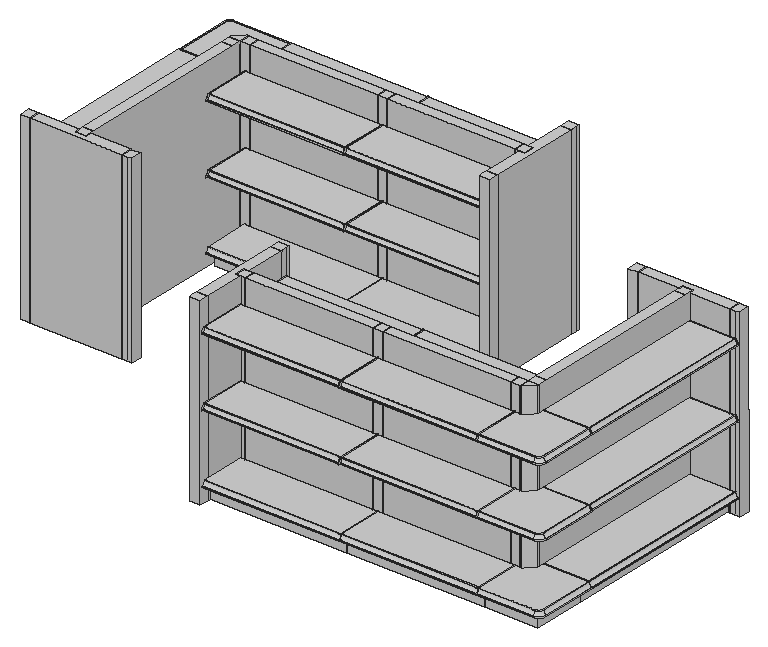
Revit family "QF_ConfigurationB", category Specialty Equipment, Revit 2012 (continued)
Definition of nested family "TL2"
  Automatic sketch dimensions
    plane 10 "3rd shelf" to Extrusion 24 sketch curve = 0' - 0.22784"
    Extrusion 24 sketch curve to plane 18 = 0' - 1.11011"
    plane 18 to Extrusion 24 sketch curve = 0' - 0 5/8"
    Extrusion 24 sketch curve to Extrusion 24 sketch curve = 0' - 0 1/8"  (x2)
    Extrusion 24 sketch curve to Extrusion 24 sketch curve = 0' - 0 7/8"
    Extrusion 24 sketch curve to Extrusion 24 sketch curve = 0' - 0 3/4"
    Extrusion 24 sketch curve to Extrusion 24 sketch curve = 0' - 0 1/4"  (x2)
    Extrusion 24 sketch curve to plane 10 "3rd shelf" = 0' - 0 1/2"  (x2)
    Extrusion 24 sketch curve to Extrusion 24 sketch curve = 0' - 2"
    plane 4 to Extrusion 24 sketch curve = 0' - 1 1/8"
    Extrusion 24 sketch curve to Extrusion 24 sketch curve = 0' - 0"
    Extrusion 24 sketch curve to Extrusion 24 sketch curve = 0' - 2 1/4"
    Extrusion 24 sketch curve to plane 10 "3rd shelf" = 0' - 0 5/8"
    Extrusion 25 sketch curve to plane 18 = 0' - 0"
    Extrusion 25 sketch curve to plane 11 "4th shelf" = 0' - 0"
    Extrusion 25 sketch curve to plane 4 = 0' - 0"
    Extrusion 25 sketch curve to plane 11 "4th shelf" = 0' - 0.22784"
    plane 18 to Extrusion 25 sketch curve = 0' - 1.11011"
    Extrusion 25 sketch curve to plane 18 = 0' - 0 5/8"
    Extrusion 25 sketch curve to Extrusion 25 sketch curve = 0' - 0 1/8"  (x2)
    Extrusion 25 sketch curve to plane 18 = 0' - 0 7/8"
    Extrusion 25 sketch curve to Extrusion 25 sketch curve = 0' - 0 3/4"
    Extrusion 25 sketch curve to Extrusion 25 sketch curve = 0' - 0 1/4"  (x2)
    plane 11 "4th shelf" to Extrusion 25 sketch curve = 0' - 0 1/2"  (x2)
    Extrusion 25 sketch curve to Extrusion 25 sketch curve = 0' - 2"
    Extrusion 25 sketch curve to plane 4 = 0' - 1 1/8"
    Extrusion 25 sketch curve to Extrusion 25 sketch curve = 0' - 0"
    Extrusion 25 sketch curve to Extrusion 25 sketch curve = 0' - 2 1/4"
    plane 11 "4th shelf" to Extrusion 25 sketch curve = 0' - 0 5/8"
    Extrusion 26 sketch curve to plane 18 = 0' - 0"
    Extrusion 26 sketch curve to plane 11 "4th shelf" = 0' - 0"
    Extrusion 26 sketch curve to plane 4 = 0' - 0"
    Extrusion 26 sketch curve to plane 11 "4th shelf" = 0' - 0.10284"
    plane 18 to Extrusion 26 sketch curve = 0' - 0.86011"
    Extrusion 26 sketch curve to plane 18 = 0' - 0 1/4"
    Extrusion 26 sketch curve to plane 18 = 0' - 0 3/4"
    Extrusion 26 sketch curve to Extrusion 26 sketch curve = 0' - 0 5/8"
    Extrusion 26 sketch curve to Extrusion 26 sketch curve = 0' - 0 1/8"  (x2)
    plane 11 "4th shelf" to Extrusion 26 sketch curve = 0' - 0 1/8"
    Extrusion 26 sketch curve to Extrusion 26 sketch curve = 0' - 0 1/4"
    Extrusion 27 sketch curve to plane 18 = 0' - 0"
    Extrusion 27 sketch curve to plane 11 "4th shelf" = 0' - 0"
    Extrusion 27 sketch curve to plane 4 = 0' - 0"
    plane 11 "4th shelf" to Extrusion 27 sketch curve = 0' - 0.22784"
    Extrusion 27 sketch curve to plane 18 = 0' - 1.11011"
    plane 18 to Extrusion 27 sketch curve = 0' - 0 5/8"
    Extrusion 27 sketch curve to Extrusion 27 sketch curve = 0' - 0 1/8"  (x2)
    plane 18 to Extrusion 27 sketch curve = 0' - 0 7/8"
    Extrusion 27 sketch curve to Extrusion 27 sketch curve = 0' - 0 3/4"
    Extrusion 27 sketch curve to Extrusion 27 sketch curve = 0' - 0 1/4"  (x2)
    Extrusion 27 sketch curve to plane 11 "4th shelf" = 0' - 0 1/2"  (x2)
    Extrusion 27 sketch curve to Extrusion 27 sketch curve = 0' - 2"
    plane 4 to Extrusion 27 sketch curve = 0' - 1 1/8"
    Extrusion 27 sketch curve to Extrusion 27 sketch curve = 0' - 0"
    Extrusion 27 sketch curve to Extrusion 27 sketch curve = 0' - 2 1/4"
    Extrusion 27 sketch curve to plane 11 "4th shelf" = 0' - 0 5/8"
    Extrusion 1 sketch curve to level = 0' - 0"
    Extrusion 1 sketch curve to plane 6 = 0' - 0"  (x2)
    plane 14 to Extrusion 1 sketch curve = 0' - 0"
    level to Extrusion 1 sketch curve = 0' - 0 1/32"
    plane 16 to Extrusion 1 sketch curve = 0' - 1 1/8"
    Extrusion 1 sketch curve to Extrusion 1 sketch curve = 0' - 0.03076"
    plane 15 to Extrusion 1 sketch curve = 0' - 1 1/8"
    Extrusion 1 sketch curve to plane 14 = 0' - 1 1/4"
    Extrusion 1 to Split face 1 sketch curve = 0' - 0"
    Split face 1 sketch curve to Extrusion 1 = 0' - 0"  (x4)
    Extrusion 1 to Split face 2 sketch curve = 0' - 0"
    Split face 2 sketch curve to Extrusion 1 = 0' - 0"  (x4)
    radius of Extrusion 3 sketch curve = 0' - 0 1/8"  (x2)
    radius of Extrusion 5 sketch curve = 0' - 0 1/8"  (x2)
    radius of Extrusion 6 sketch curve = 0' - 0 1/8"  (x2)
    radius of Extrusion 8 sketch curve = 0' - 0 1/8"  (x2)
    radius of Extrusion 9 sketch curve = 0' - 0 1/8"  (x2)
    radius of Extrusion 11 sketch curve = 0' - 0 1/8"  (x2)
    radius of Extrusion 12 sketch curve = 0' - 0 1/8"  (x2)
    radius of Extrusion 14 sketch curve = 0' - 0 1/8"  (x2)
    radius of Extrusion 16 sketch curve = 0' - 0 1/8"  (x2)
    radius of Extrusion 18 sketch curve = 0' - 0 1/8"  (x2)
    radius of Extrusion 19 sketch curve = 0' - 0 1/8"  (x2)
    radius of Extrusion 21 sketch curve = 0' - 0 1/8"  (x2)
    radius of Extrusion 22 sketch curve = 0' - 0 1/8"  (x2)
    radius of Extrusion 24 sketch curve = 0' - 0 1/8"  (x2)
    radius of Extrusion 25 sketch curve = 0' - 0 1/8"  (x2)
    radius of Extrusion 27 sketch curve = 0' - 0 1/8"  (x2)
Definition of nested family "TL3"
  Parameters (values of type "Maxi Line End (Default)")
    "Right" Shelf Width = 1' - 0"
    "Left" Shelf Width = 1' - 0"
    "Front" Regular Base Shelf [instance] = no
    "Front" Shelf 2' [instance] = no
    "Front" Shelf 3' - 6" [instance] = no
    "Front" Shelf 5' [instance] = no
    "Front" Shelf 6' - 6" [instance] = no
    "Front" Shelf Depth = 1' - 10"
    Height = 4' - 0"
  Reference planes (in)
    plane 1 "Center (Front/Back)": y = 0
    plane 2: z = 0
    plane 3 "Center (Left/Right)": x = 0
    plane 4: y = 1.1178
    plane 5: y = -1.6322
    plane 6: z = 48
    plane 7: z = 0
    plane 8 "1st shelf": z = 23.5
    plane 9 "2nd shelf": z = 41.5
    plane 10 "3rd shelf": z = 59.5
    plane 11 "4th shelf": z = 77.5
    plane 12: y = -24.5072
    plane 13: x = 0
    plane 14: x = 26.75
    plane 15: x = 0.125
    plane 16: x = 26.625
    plane 17: z = 41.5
    plane 18: y = 23.9928
    plane 19: x = 23.875
    plane 20: x = 2.875
    plane 21: y = -21.6322
    plane 22: y = -24.3822
    plane 23: y = -23.6322
    plane 24: x = 12
    plane 25: x = 14.75
    plane 26: x = 0
  Forms (in)
    Extrusion 1, solid, material "Metal - Steel", visible <- ""Front" Shelf 2'"
      sketch origin (0, -0.2572, 0) x (0, 1, 0) y (0, 0, 1)
        loop
          line (-1.375, 23.5) -> (-23.5, 23.5) -> (-23.625, 23.5)
          arc (-23.625, 23.5) -> (-23.83033, 22.87796) -> (-24.25, 22.375) r 1.75
          line (-24.25, 22.375) -> (-24.25, 22.125) -> (-23.375, 22.125) -> (-23.375, 22.375) -> (-22.625, 23) -> (-22.375, 23) -> (-22.375, 22.875) -> (-1.375, 20.75) -> (-1.375, 23.5)
        loop
          circle (-20.375, 23) r 0.125
        loop
          circle (-2.5, 23) r 0.125
      from 0 to 0.125
    Extrusion 2, solid, material "Metal - Steel", visible <- ""Front" Shelf 2'"
      sketch origin (0, -0.2572, 0) x (0, 1, 0) y (0, 0, 1)
        loop
          line (-23.5, 23.5) -> (-23.5, 23.375) -> (-23.375, 23.375)
          arc (-23.375, 23.375) -> (-23.58033, 22.75296) -> (-24, 22.25) r 1.75
          line (-24, 22.25) -> (-24, 22.375) -> (-24.125, 22.375) -> (-24.125, 22.125) -> (-23.375, 22.125) -> (-1.375, 22.125) -> (-1.375, 23.5) -> (-23.5, 23.5)
      from 0.125 to 26.625
    Extrusion 3, solid, material "Metal - Steel", visible <- ""Front" Shelf 2'"
      sketch origin (26.4055, -0.2572, 0) x (0, 1, 0) y (0, 0, -1)
        loop
          line (-1.375, -23.5) -> (-1.375, -20.75) -> (-22.375, -22.875) -> (-22.375, -23) -> (-22.625, -23) -> (-23.375, -22.375) -> (-23.375, -22.125) -> (-24.25, -22.125) -> (-24.25, -22.375)
          arc (-24.25, -22.375) -> (-23.83033, -22.87796) -> (-23.625, -23.5) r 1.75
          line (-23.625, -23.5) -> (-23.5, -23.5) -> (-1.375, -23.5)
        loop
          circle (-20.375, -23) r 0.125
        loop
          circle (-2.5, -23) r 0.125
      from -0.3445 to -0.2195
    Extrusion 4, solid, material "Metal - Steel", visible <- ""Front" Shelf 3' - 6""
      sketch origin (0, -0.2572, 18) x (0, 1, 0) y (0, 0, 1)
        loop
          line (-1.375, 23.5) -> (-23.5, 23.5) -> (-23.625, 23.5)
          arc (-23.625, 23.5) -> (-23.83033, 22.87796) -> (-24.25, 22.375) r 1.75
          line (-24.25, 22.375) -> (-24.25, 22.125) -> (-23.375, 22.125) -> (-23.375, 22.375) -> (-22.625, 23) -> (-22.375, 23) -> (-22.375, 22.875) -> (-1.375, 20.75) -> (-1.375, 23.5)
        loop
          circle (-20.375, 23) r 0.125
        loop
          circle (-2.5, 23) r 0.125
      from 0 to 0.125
    Extrusion 5, solid, material "Metal - Steel", visible <- ""Front" Shelf 3' - 6""
      sketch origin (0, -0.2572, 18) x (0, 1, 0) y (0, 0, 1)
        loop
          line (-23.5, 23.5) -> (-23.5, 23.375) -> (-23.375, 23.375)
          arc (-23.375, 23.375) -> (-23.58033, 22.75296) -> (-24, 22.25) r 1.75
          line (-24, 22.25) -> (-24, 22.375) -> (-24.25, 22.375) -> (-24.25, 22.125) -> (-23.375, 22.125) -> (-1.375, 22.125) -> (-1.375, 23.5) -> (-23.5, 23.5)
      from 0.125 to 26.625
    Extrusion 6, solid, material "Metal - Steel", visible <- ""Front" Shelf 3' - 6""
      sketch origin (26.4055, -0.2572, 18) x (0, 1, 0) y (0, 0, -1)
        loop
          line (-1.375, -23.5) -> (-1.375, -20.75) -> (-22.375, -22.875) -> (-22.375, -23) -> (-22.625, -23) -> (-23.375, -22.375) -> (-23.375, -22.125) -> (-24.25, -22.125) -> (-24.25, -22.375)
          arc (-24.25, -22.375) -> (-23.83033, -22.87796) -> (-23.625, -23.5) r 1.75
          line (-23.625, -23.5) -> (-23.5, -23.5) -> (-1.375, -23.5)
        loop
          circle (-20.375, -23) r 0.125
        loop
          circle (-2.5, -23) r 0.125
      from -0.3445 to -0.2195
    Extrusion 7, solid, material "Metal - Steel", visible <- ""Front" Shelf 5'"
      sketch origin (0, -0.2572, 36) x (0, 1, 0) y (0, 0, 1)
        loop
          line (-1.375, 23.5) -> (-23.5, 23.5) -> (-23.625, 23.5)
          arc (-23.625, 23.5) -> (-23.83033, 22.87796) -> (-24.25, 22.375) r 1.75
          line (-24.25, 22.375) -> (-24.25, 22.125) -> (-23.375, 22.125) -> (-23.375, 22.375) -> (-22.625, 23) -> (-22.375, 23) -> (-22.375, 22.875) -> (-1.375, 20.75) -> (-1.375, 23.5)
        loop
          circle (-20.375, 23) r 0.125
        loop
          circle (-2.5, 23) r 0.125
      from 0 to 0.125
    Extrusion 8, solid, material "Metal - Steel", visible <- ""Front" Shelf 5'"
      sketch origin (0, -0.2572, 36) x (0, 1, 0) y (0, 0, 1)
        loop
          line (-23.5, 23.5) -> (-23.5, 23.375) -> (-23.375, 23.375)
          arc (-23.375, 23.375) -> (-23.58033, 22.75296) -> (-24, 22.25) r 1.75
          line (-24, 22.25) -> (-24, 22.375) -> (-24.25, 22.375) -> (-24.25, 22.125) -> (-23.375, 22.125) -> (-1.375, 22.125) -> (-1.375, 23.5) -> (-23.5, 23.5)
      from 0.125 to 26.625
    Extrusion 9, solid, material "Metal - Steel", visible <- ""Front" Shelf 5'"
      sketch origin (26.4055, -0.2572, 36) x (0, 1, 0) y (0, 0, -1)
        loop
          line (-1.375, -23.5) -> (-1.375, -20.75) -> (-22.375, -22.875) -> (-22.375, -23) -> (-22.625, -23) -> (-23.375, -22.375) -> (-23.375, -22.125) -> (-24.25, -22.125) -> (-24.25, -22.375)
          arc (-24.25, -22.375) -> (-23.83033, -22.87796) -> (-23.625, -23.5) r 1.75
          line (-23.625, -23.5) -> (-23.5, -23.5) -> (-1.375, -23.5)
        loop
          circle (-20.375, -23) r 0.125
        loop
          circle (-2.5, -23) r 0.125
      from -0.3445 to -0.2195
    Extrusion 10, solid, material "Metal - Steel", visible <- ""Front" Shelf 6' - 6""
      sketch origin (0, -0.2572, 54) x (0, 1, 0) y (0, 0, 1)
        loop
          line (-1.375, 23.5) -> (-23.5, 23.5) -> (-23.625, 23.5)
          arc (-23.625, 23.5) -> (-23.83033, 22.87796) -> (-24.25, 22.375) r 1.75
          line (-24.25, 22.375) -> (-24.25, 22.125) -> (-23.375, 22.125) -> (-23.375, 22.375) -> (-22.625, 23) -> (-22.375, 23) -> (-22.375, 22.875) -> (-1.375, 20.75) -> (-1.375, 23.5)
        loop
          circle (-20.375, 23) r 0.125
        loop
          circle (-2.5, 23) r 0.125
      from 0 to 0.125
    Extrusion 11, solid, material "Metal - Steel", visible <- ""Front" Shelf 6' - 6""
      sketch origin (0, -0.2572, 54) x (0, 1, 0) y (0, 0, 1)
        loop
          line (-23.5, 23.5) -> (-23.5, 23.375) -> (-23.375, 23.375)
          arc (-23.375, 23.375) -> (-23.58033, 22.75296) -> (-24, 22.25) r 1.75
          line (-24, 22.25) -> (-24, 22.375) -> (-24.25, 22.375) -> (-24.25, 22.125) -> (-23.375, 22.125) -> (-1.375, 22.125) -> (-1.375, 23.5) -> (-23.5, 23.5)
      from 0.125 to 26.625
    Extrusion 12, solid, material "Metal - Steel", visible <- ""Front" Shelf 6' - 6""
      sketch origin (26.4055, -0.2572, 54) x (0, 1, 0) y (0, 0, -1)
        loop
          line (-1.375, -23.5) -> (-1.375, -20.75) -> (-22.375, -22.875) -> (-22.375, -23) -> (-22.625, -23) -> (-23.375, -22.375) -> (-23.375, -22.125) -> (-24.25, -22.125) -> (-24.25, -22.375)
          arc (-24.25, -22.375) -> (-23.83033, -22.87796) -> (-23.625, -23.5) r 1.75
          line (-23.625, -23.5) -> (-23.5, -23.5) -> (-1.375, -23.5)
        loop
          circle (-20.375, -23) r 0.125
        loop
          circle (-2.5, -23) r 0.125
      from -0.3445 to -0.2195
    Extrusion 13, solid, material "Metal - Steel"
      sketch origin (2.4055, 1.1178, 77.5) x (1, 0, 0) y (0, 1, 0)
        loop
          line (-2.4055, 0) -> (-3.6555, 0) -> (-3.6555, -2.75) -> (-1.1555, -2.75) -> (-1.1555, 0) -> (-2.4055, 0)
        loop
          line (-1.12425, 0) -> (-1.12425, -2.75) -> (23.06325, -2.75) -> (23.06325, 0) -> (12.3445, 0) -> (12.3445, -1.25) -> (9.5945, -1.25) -> (9.5945, 0) -> (-1.12425, 0)
        loop
          line (24.3445, -2.75) -> (25.5945, -2.75) -> (25.5945, 0) -> (23.0945, 0) -> (23.0945, -2.75) -> (24.3445, -2.75)
      from -77.5 to -29.5
    Extrusion 14, solid, material "Metal - Steel", visible <- ""Front" Regular Base Shelf"
      sketch origin (0, -0.2572, 0) x (0, 1, 0) y (0, 0, 1)
        loop
          line (-1.375, 0) -> (-1.375, 5.5) -> (-23.625, 5.5) -> (-23.625, 5.375) -> (-23.5, 5.375)
          arc (-23.5, 5.375) -> (-23.70533, 4.75296) -> (-24.125, 4.25) r 1.75
          line (-24.125, 4.25) -> (-24.125, 4.375) -> (-24.25, 4.375) -> (-24.25, 4.125) -> (-21.375, 4.125) -> (-21.375, 0) -> (-1.375, 0)
      from 0 to 26.75
  Dimensions and locks (in)
    "Height": plane 6 to level
    locked: plane 13 to plane 15 at 0.125
    locked: plane 16 to plane 14 at 0.125
    plane 3 "Center (Left/Right)" to Extrusion 13 = 0' - 1 1/4"
    locked: plane 13 to plane 20 at 2.875
    locked: plane 19 to plane 14 at 2.875
    ""Front" Shelf Depth": plane 23 to plane 5
    locked: plane 12 to plane 21 at 2.875
    locked: plane 22 to plane 12 at 0.125
    locked: plane 12 to plane 23 at 0.875
    ""Right" Shelf Width": plane 25 to plane 14
    ""Left" Shelf Width": plane 26 to plane 24
    locked: plane 24 to plane 25 at 2.75
    aligned and locked: level to plane 2
    aligned and locked: Extrusion 2 to Extrusion 3
    aligned and locked: Extrusion 1 to plane 15
    aligned and locked: Extrusion 2 to Extrusion 1
    aligned and locked: plane 16 to Extrusion 3
    aligned and locked: Extrusion 5 to Extrusion 6
    aligned and locked: Extrusion 5 to Extrusion 4
    aligned and locked: Extrusion 4 to Extrusion 1
    aligned and locked: Extrusion 6 to Extrusion 2
    aligned and locked: Extrusion 4 to plane 15
    aligned and locked: Extrusion 8 to Extrusion 9
    aligned and locked: Extrusion 8 to Extrusion 7
    aligned and locked: Extrusion 7 to Extrusion 1
    aligned and locked: Extrusion 9 to Extrusion 2
    aligned and locked: Extrusion 11 to Extrusion 12
    aligned and locked: Extrusion 11 to Extrusion 10
    aligned and locked: Extrusion 10 to Extrusion 1
    aligned and locked: Extrusion 12 to Extrusion 2
    aligned and locked: Extrusion 13 to level
    aligned and locked: plane 13 to Extrusion 10
    aligned and locked: plane 13 to Extrusion 7
    aligned and locked: plane 13 to Extrusion 4
    aligned and locked: plane 13 to Extrusion 1
    aligned and locked: Extrusion 12 to plane 14
    aligned and locked: Extrusion 9 to plane 14
    aligned and locked: Extrusion 6 to plane 14
    aligned and locked: Extrusion 3 to plane 14
    aligned and locked: plane 5 to Extrusion 13
    aligned and locked: Extrusion 13 to plane 6
    aligned and locked: plane 22 to Extrusion 2
    aligned and locked: Extrusion 11 to plane 5
    aligned and locked: plane 13 to Extrusion 14
    aligned and locked: Extrusion 14 to plane 14
    aligned and locked: plane 23 to Extrusion 2
    aligned and locked: Extrusion 2 to plane 5
    aligned and locked: plane 24 to Extrusion 13
    aligned and locked: plane 25 to Extrusion 13
    aligned and locked: plane 13 to plane 26
  Automatic sketch dimensions
    Extrusion 1 sketch curve to plane 12 = 0' - 0"
    Extrusion 1 sketch curve to plane 8 "1st shelf" = 0' - 0"
    Extrusion 1 sketch curve to plane 5 = 0' - 0"
    plane 8 "1st shelf" to Extrusion 1 sketch curve = 0' - 0.22784"
    Extrusion 1 sketch curve to plane 12 = 0' - 1.11011"
    plane 12 to Extrusion 1 sketch curve = 0' - 0 5/8"
    Extrusion 1 sketch curve to Extrusion 1 sketch curve = 0' - 0 1/8"  (x2)
    plane 12 to Extrusion 1 sketch curve = 0' - 0 7/8"
    Extrusion 1 sketch curve to Extrusion 1 sketch curve = 0' - 0 3/4"
    Extrusion 1 sketch curve to Extrusion 1 sketch curve = 0' - 0 1/4"  (x2)
    Extrusion 1 sketch curve to plane 8 "1st shelf" = 0' - 0 1/2"  (x2)
    Extrusion 1 sketch curve to Extrusion 1 sketch curve = 0' - 2"
    plane 5 to Extrusion 1 sketch curve = 0' - 1 1/8"
    Extrusion 1 sketch curve to Extrusion 1 sketch curve = 0' - 0"
    Extrusion 1 sketch curve to Extrusion 1 sketch curve = 0' - 2 1/4"
    Extrusion 1 sketch curve to plane 8 "1st shelf" = 0' - 0 5/8"
    Extrusion 2 sketch curve to plane 8 "1st shelf" = 0' - 0"
    Extrusion 2 sketch curve to plane 5 = 0' - 0"
    plane 12 to Extrusion 2 sketch curve = 0' - 0 7/8"  (x2)
    Extrusion 2 sketch curve to plane 8 "1st shelf" = 0' - 0 1/8"
    Extrusion 2 sketch curve to Extrusion 2 sketch curve = 0' - 0 1/8"  (x3)
    plane 12 to Extrusion 2 sketch curve = 0' - 0 1/4"
    plane 12 to Extrusion 2 sketch curve = 0' - 0 1/8"
    plane 8 "1st shelf" to Extrusion 2 sketch curve = 0' - 0.10284"
    Extrusion 2 sketch curve to plane 12 = 0' - 0.86011"
    Extrusion 3 sketch curve to plane 12 = 0' - 0"
    Extrusion 3 sketch curve to plane 8 "1st shelf" = 0' - 0"
    Extrusion 3 sketch curve to plane 5 = 0' - 0"
    plane 8 "1st shelf" to Extrusion 3 sketch curve = 0' - 0.22784"
    Extrusion 3 sketch curve to plane 12 = 0' - 1.11011"
    plane 12 to Extrusion 3 sketch curve = 0' - 0 5/8"
    Extrusion 3 sketch curve to Extrusion 3 sketch curve = 0' - 0 1/8"  (x2)
    plane 12 to Extrusion 3 sketch curve = 0' - 0 7/8"
    Extrusion 3 sketch curve to Extrusion 3 sketch curve = 0' - 0 3/4"
    Extrusion 3 sketch curve to Extrusion 3 sketch curve = 0' - 0 1/4"  (x2)
    Extrusion 3 sketch curve to plane 8 "1st shelf" = 0' - 0 1/2"  (x3)
    Extrusion 3 sketch curve to Extrusion 3 sketch curve = 0' - 2"
    plane 5 to Extrusion 3 sketch curve = 0' - 1 1/8"
    Extrusion 3 sketch curve to Extrusion 3 sketch curve = 0' - 0"
    Extrusion 3 sketch curve to Extrusion 3 sketch curve = 0' - 2 1/4"
    Extrusion 4 sketch curve to plane 12 = 0' - 0"
    Extrusion 4 sketch curve to plane 9 "2nd shelf" = 0' - 0"
    Extrusion 4 sketch curve to plane 5 = 0' - 0"
    plane 9 "2nd shelf" to Extrusion 4 sketch curve = 0' - 0.22784"
    Extrusion 4 sketch curve to plane 12 = 0' - 1.11011"
    plane 12 to Extrusion 4 sketch curve = 0' - 0 5/8"
    Extrusion 4 sketch curve to Extrusion 4 sketch curve = 0' - 0 1/8"  (x2)
    plane 12 to Extrusion 4 sketch curve = 0' - 0 7/8"
    Extrusion 4 sketch curve to Extrusion 4 sketch curve = 0' - 0 3/4"
    Extrusion 4 sketch curve to Extrusion 4 sketch curve = 0' - 0 1/4"  (x2)
    Extrusion 4 sketch curve to plane 9 "2nd shelf" = 0' - 0 1/2"  (x2)
    Extrusion 4 sketch curve to Extrusion 4 sketch curve = 0' - 2"
    plane 5 to Extrusion 4 sketch curve = 0' - 1 1/8"
    Extrusion 4 sketch curve to Extrusion 4 sketch curve = 0' - 0"
    Extrusion 4 sketch curve to Extrusion 4 sketch curve = 0' - 2 1/4"
    Extrusion 4 sketch curve to plane 9 "2nd shelf" = 0' - 0 5/8"
    Extrusion 5 sketch curve to plane 12 = 0' - 0"
    Extrusion 5 sketch curve to plane 9 "2nd shelf" = 0' - 0"
    Extrusion 5 sketch curve to plane 5 = 0' - 0"
    plane 9 "2nd shelf" to Extrusion 5 sketch curve = 0' - 0.10284"
    Extrusion 5 sketch curve to plane 12 = 0' - 0.86011"
    plane 12 to Extrusion 5 sketch curve = 0' - 0 1/4"
    plane 12 to Extrusion 5 sketch curve = 0' - 0 3/4"
    Extrusion 5 sketch curve to Extrusion 5 sketch curve = 0' - 0 5/8"
    Extrusion 5 sketch curve to Extrusion 5 sketch curve = 0' - 0 1/8"  (x2)
    Extrusion 5 sketch curve to plane 9 "2nd shelf" = 0' - 0 1/8"
    Extrusion 5 sketch curve to Extrusion 5 sketch curve = 0' - 0 1/4"
    Extrusion 6 sketch curve to plane 12 = 0' - 0"
    Extrusion 6 sketch curve to plane 9 "2nd shelf" = 0' - 0"
    Extrusion 6 sketch curve to plane 5 = 0' - 0"
    plane 9 "2nd shelf" to Extrusion 6 sketch curve = 0' - 0.22784"
    Extrusion 6 sketch curve to plane 12 = 0' - 1.11011"
    plane 12 to Extrusion 6 sketch curve = 0' - 0 5/8"
    Extrusion 6 sketch curve to Extrusion 6 sketch curve = 0' - 0 1/8"  (x2)
    plane 12 to Extrusion 6 sketch curve = 0' - 0 7/8"
    Extrusion 6 sketch curve to Extrusion 6 sketch curve = 0' - 0 3/4"
    Extrusion 6 sketch curve to Extrusion 6 sketch curve = 0' - 0 1/4"  (x2)
    Extrusion 6 sketch curve to plane 9 "2nd shelf" = 0' - 0 1/2"  (x3)
    Extrusion 6 sketch curve to Extrusion 6 sketch curve = 0' - 2"
    plane 5 to Extrusion 6 sketch curve = 0' - 1 1/8"
    Extrusion 6 sketch curve to Extrusion 6 sketch curve = 0' - 0"
    Extrusion 6 sketch curve to Extrusion 6 sketch curve = 0' - 2 1/4"
    Extrusion 7 sketch curve to plane 12 = 0' - 0"
    Extrusion 7 sketch curve to plane 10 "3rd shelf" = 0' - 0"
    Extrusion 7 sketch curve to plane 5 = 0' - 0"
    plane 10 "3rd shelf" to Extrusion 7 sketch curve = 0' - 0.22784"
    Extrusion 7 sketch curve to plane 12 = 0' - 1.11011"
    plane 12 to Extrusion 7 sketch curve = 0' - 0 5/8"
    Extrusion 7 sketch curve to Extrusion 7 sketch curve = 0' - 0 1/8"  (x2)
    plane 12 to Extrusion 7 sketch curve = 0' - 0 7/8"
    Extrusion 7 sketch curve to Extrusion 7 sketch curve = 0' - 0 3/4"
    Extrusion 7 sketch curve to Extrusion 7 sketch curve = 0' - 0 1/4"  (x2)
    Extrusion 7 sketch curve to plane 10 "3rd shelf" = 0' - 0 1/2"  (x2)
    Extrusion 7 sketch curve to Extrusion 7 sketch curve = 0' - 2"
    plane 5 to Extrusion 7 sketch curve = 0' - 1 1/8"
    Extrusion 7 sketch curve to Extrusion 7 sketch curve = 0' - 0"
    Extrusion 7 sketch curve to Extrusion 7 sketch curve = 0' - 2 1/4"
    Extrusion 7 sketch curve to plane 10 "3rd shelf" = 0' - 0 5/8"
    Extrusion 8 sketch curve to plane 12 = 0' - 0"
    Extrusion 8 sketch curve to plane 10 "3rd shelf" = 0' - 0"
    Extrusion 8 sketch curve to plane 5 = 0' - 0"
    plane 10 "3rd shelf" to Extrusion 8 sketch curve = 0' - 0.10284"
    Extrusion 8 sketch curve to plane 12 = 0' - 0.86011"
    plane 12 to Extrusion 8 sketch curve = 0' - 0 1/4"
    plane 12 to Extrusion 8 sketch curve = 0' - 0 3/4"
    Extrusion 8 sketch curve to Extrusion 8 sketch curve = 0' - 0 5/8"
    Extrusion 8 sketch curve to Extrusion 8 sketch curve = 0' - 0 1/8"  (x2)
    Extrusion 8 sketch curve to plane 10 "3rd shelf" = 0' - 0 1/8"
    Extrusion 8 sketch curve to Extrusion 8 sketch curve = 0' - 0 1/4"
    Extrusion 9 sketch curve to plane 12 = 0' - 0"
    Extrusion 9 sketch curve to plane 10 "3rd shelf" = 0' - 0"
    Extrusion 9 sketch curve to plane 5 = 0' - 0"
    plane 10 "3rd shelf" to Extrusion 9 sketch curve = 0' - 0.22784"
    Extrusion 9 sketch curve to plane 12 = 0' - 1.11011"
    plane 12 to Extrusion 9 sketch curve = 0' - 0 5/8"
    Extrusion 9 sketch curve to Extrusion 9 sketch curve = 0' - 0 1/8"  (x2)
    plane 12 to Extrusion 9 sketch curve = 0' - 0 7/8"
    Extrusion 9 sketch curve to Extrusion 9 sketch curve = 0' - 0 3/4"
    Extrusion 9 sketch curve to Extrusion 9 sketch curve = 0' - 0 1/4"  (x2)
    Extrusion 9 sketch curve to plane 10 "3rd shelf" = 0' - 0 1/2"  (x3)
    Extrusion 9 sketch curve to Extrusion 9 sketch curve = 0' - 2"
    plane 5 to Extrusion 9 sketch curve = 0' - 1 1/8"
    Extrusion 9 sketch curve to Extrusion 9 sketch curve = 0' - 0"
    Extrusion 9 sketch curve to Extrusion 9 sketch curve = 0' - 2 1/4"
    Extrusion 10 sketch curve to plane 12 = 0' - 0"
    Extrusion 10 sketch curve to plane 11 "4th shelf" = 0' - 0"
    Extrusion 10 sketch curve to plane 5 = 0' - 0"
    plane 11 "4th shelf" to Extrusion 10 sketch curve = 0' - 0.22784"
    Extrusion 10 sketch curve to plane 12 = 0' - 1.11011"
    plane 12 to Extrusion 10 sketch curve = 0' - 0 5/8"
    Extrusion 10 sketch curve to Extrusion 10 sketch curve = 0' - 0 1/8"  (x2)
    plane 12 to Extrusion 10 sketch curve = 0' - 0 7/8"
    Extrusion 10 sketch curve to Extrusion 10 sketch curve = 0' - 0 3/4"
    Extrusion 10 sketch curve to Extrusion 10 sketch curve = 0' - 0 1/4"  (x2)
    Extrusion 10 sketch curve to plane 11 "4th shelf" = 0' - 0 1/2"  (x2)
    Extrusion 10 sketch curve to Extrusion 10 sketch curve = 0' - 2"
    plane 5 to Extrusion 10 sketch curve = 0' - 1 1/8"
    Extrusion 10 sketch curve to Extrusion 10 sketch curve = 0' - 0"
    Extrusion 10 sketch curve to Extrusion 10 sketch curve = 0' - 2 1/4"
    Extrusion 10 sketch curve to plane 11 "4th shelf" = 0' - 0 5/8"
    Extrusion 11 sketch curve to plane 12 = 0' - 0"
    Extrusion 11 sketch curve to plane 11 "4th shelf" = 0' - 0"
    plane 5 to Extrusion 11 sketch curve = 0' - 0"
    plane 11 "4th shelf" to Extrusion 11 sketch curve = 0' - 0.10284"
    Extrusion 11 sketch curve to plane 12 = 0' - 0.86011"
    plane 12 to Extrusion 11 sketch curve = 0' - 0 1/4"
    plane 12 to Extrusion 11 sketch curve = 0' - 0 3/4"
    Extrusion 11 sketch curve to Extrusion 11 sketch curve = 0' - 0 5/8"
    Extrusion 11 sketch curve to Extrusion 11 sketch curve = 0' - 0 1/8"  (x2)
    Extrusion 11 sketch curve to plane 11 "4th shelf" = 0' - 0 1/8"
    Extrusion 11 sketch curve to Extrusion 11 sketch curve = 0' - 0 1/4"
    Extrusion 12 sketch curve to plane 12 = 0' - 0"
    Extrusion 12 sketch curve to plane 11 "4th shelf" = 0' - 0"
    Extrusion 12 sketch curve to plane 5 = 0' - 0"
    plane 11 "4th shelf" to Extrusion 12 sketch curve = 0' - 0.22784"
    Extrusion 12 sketch curve to plane 12 = 0' - 1.11011"
    plane 12 to Extrusion 12 sketch curve = 0' - 0 5/8"
    Extrusion 12 sketch curve to Extrusion 12 sketch curve = 0' - 0 1/8"  (x2)
    plane 12 to Extrusion 12 sketch curve = 0' - 0 7/8"
    Extrusion 12 sketch curve to Extrusion 12 sketch curve = 0' - 0 3/4"
    Extrusion 12 sketch curve to Extrusion 12 sketch curve = 0' - 0 1/4"  (x2)
    Extrusion 12 sketch curve to plane 11 "4th shelf" = 0' - 0 1/2"  (x3)
    Extrusion 12 sketch curve to Extrusion 12 sketch curve = 0' - 2"
    plane 5 to Extrusion 12 sketch curve = 0' - 1 1/8"
    Extrusion 12 sketch curve to Extrusion 12 sketch curve = 0' - 0"
    Extrusion 12 sketch curve to Extrusion 12 sketch curve = 0' - 2 1/4"
    Extrusion 13 sketch curve to plane 4 = 0' - 0"  (x4)
    plane 5 to Extrusion 13 sketch curve = 0' - 0"  (x3)
    Extrusion 13 sketch curve to plane 13 = 0' - 0"
    Extrusion 13 sketch curve to plane 14 = 0' - 0"
    plane 13 to Extrusion 13 sketch curve = 0' - 1 1/4"
    plane 15 to Extrusion 13 sketch curve = 0' - 1 1/8"
    Extrusion 13 sketch curve to Extrusion 13 sketch curve = 0' - 0 1/32"  (x2)
    plane 1 "Center (Front/Back)" to Extrusion 13 sketch curve = 0' - 0.1322"
    plane 3 "Center (Left/Right)" to Extrusion 13 sketch curve = 1' - 0"
    plane 3 "Center (Left/Right)" to Extrusion 13 sketch curve = 1' - 2 3/4"
    plane 16 to Extrusion 13 sketch curve = 0' - 1 5/32"
    Extrusion 13 sketch curve to plane 14 = 0' - 1 1/4"
    Extrusion 14 sketch curve to plane 12 = 0' - 0"
    Extrusion 14 sketch curve to plane 22 = 0' - 0"
    Extrusion 14 sketch curve to plane 21 = 0' - 0"
    Extrusion 14 sketch curve to plane 5 = 0' - 0"
    Extrusion 14 sketch curve to level = 0' - 0"
    Extrusion 14 sketch curve to plane 12 = 0' - 0.98511"
    plane 22 to Extrusion 14 sketch curve = 0' - 0 1/2"
    Extrusion 14 sketch curve to Extrusion 14 sketch curve = 0' - 0 1/8"  (x3)
    level to Extrusion 14 sketch curve = 0' - 4 1/8"
    Extrusion 14 sketch curve to Extrusion 14 sketch curve = 0' - 1"
    level to Extrusion 14 sketch curve = 0' - 5 1/2"
    radius of Extrusion 1 sketch curve = 0' - 0 1/8"  (x2)
    radius of Extrusion 3 sketch curve = 0' - 0 1/8"  (x2)
    radius of Extrusion 4 sketch curve = 0' - 0 1/8"  (x2)
    radius of Extrusion 6 sketch curve = 0' - 0 1/8"  (x2)
    radius of Extrusion 7 sketch curve = 0' - 0 1/8"  (x2)
    radius of Extrusion 9 sketch curve = 0' - 0 1/8"  (x2)
    radius of Extrusion 10 sketch curve = 0' - 0 1/8"  (x2)
    radius of Extrusion 12 sketch curve = 0' - 0 1/8"  (x2)
